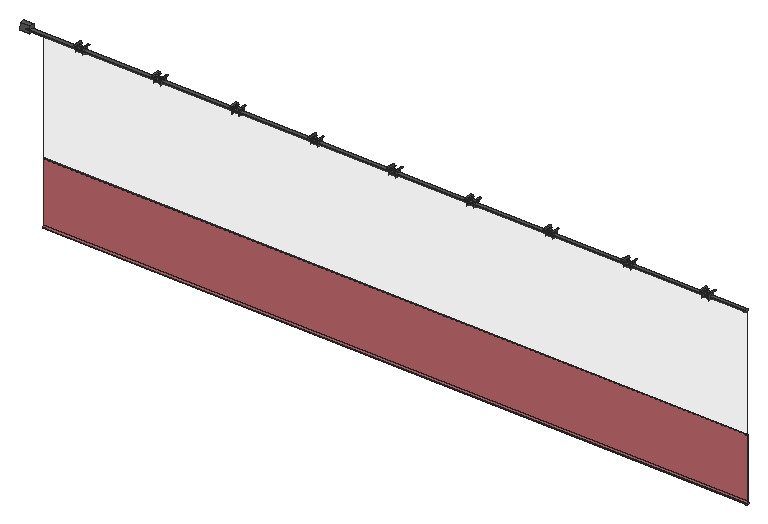
Revit family "Gymnasium-Eqpt_Divider-Curtain_IPIbybison_TopRoller", category Specialty Equipment, Revit 2018
Family settings
  Round Connector Dimension = Use Diameter
  Part Type = Normal
  OmniClass Number = 23.40.50.34.17
  OmniClass Title = Gymnasium Dividers
  Always vertical = Yes
  Cut with Voids When Loaded = No
  Shared = No
  Room Calculation Point = No
Parameters (values of type "as Specified")
  solidvinylheight [instance] = if(Show not in use, 2' 0", Solid Vinyl Height)  # 8' - 0"
  meshvis [instance] = not(Show not in use)  # yes
  clampcount [instance] = if(Number of Clamps < 2, 2, Number of Clamps)  # 9
  Warranty Duration (Years) = 0
  Unit Weight [instance] = 0
  Unit Length [instance] = 90' - 0"
  URL = "https://ipibybison.com/"
  Specification = ""
  SpecWizard = ""
  Solid Vinyl Height [instance] = 8' - 0"
  Show not in use [instance] = no
  Sales Information = "https://ipibybison.com/ArchitectsPage.php"
  Revision = "R1_2018-06"
  Product Properties = ""
  Product Data = "http://www.arcat.com/arcatcos/cos49/arc49571.html"
  Panel Material [instance] = Vinyl - Solid - IPI by Bison - Red
  Opening Height [instance] = 23' - 0"
  Number of Clamps [instance] = (Unit Length - (Clamp Inset from Edge * 2)) / Clamp Spacing + 1  # 9
  Motor RPM [instance] = 0
  Motor HP [instance] = 0
  Model = "IP870"
  Mesh Material [instance] = Vinyl - Mesh - IPI by Bison - Gray
  Maximum Size = "36' Height x 100' Length"
  Manufacturer Website = "https://ipibybison.com/"
  Manufacturer Phone - Toll Free = "800-637-7968"
  Manufacturer Phone = ""
  Manufacturer Fax = "800-638-0698"
  Manufacturer Address = "603 L St  Lincoln, NE 68508"
  Manufacturer = "IPI by Bison"
  Maintenance Schedule (Months) = 0
  Keynote = "11 66 53"
  Installation-Fabrication = ""
  Installation Phase = ""
  Height of Bottom of Curtain [instance] = if(Show not in use, Curtain Height - 2' 0", 0' 0")  # 0' - 0"
  Green Building-LEED = ""
  Frame Finish [instance] = Finish - IPI by Bison - Black
  Flange Width [instance] = 0' - 7"
  Expected Lifespan (Years) = 0
  Electrical_Voltage [instance] = 0 V
  Electrical_VA [instance] = 0 VA
  Electrical_Phase [instance] = 1
  Electrical_Number of Poles [instance] = 1
  Electrical_Amperage [instance] = 0 A
  Drawn By = "Sumex Design, Inc. / Robert S. Weygant, CSI, CDT, SCIP"
  Description = "IPI by Bison Motorized Top Roller Divider Curtain - IP870 as Specified"
  Curtain Height [instance] = Opening Height - 0' 2" - 0' 6 1/4"  # 22' - 3 3/4"
  Copyright = "©Arcat Inc."
  Construction Details = ""
  Clamp Spacing [instance] = 10' - 0"
  Clamp Inset from Edge [instance] = 5' - 0"
  Available Options = "as Specified"
Reference planes (in)
  plane 1 "Center (Front/Back)": y = 0
  plane 2: z = 0
  plane 3 "Center (Left/Right)": x = 0
  plane 4: z = 269.75
  plane 5: x = -540
  plane 6: x = 540
  plane 7: x = -564
  plane 8: x = -480
  plane 9: x = 480
  plane 10: z = 98
  plane 11: z = 2
  plane 12: z = 2
Forms (in)
  Extrusion 1, solid, material "Finish - IPI by Bison - Black" <- "Frame Finish"
    sketch origin (0, 0, 0) x (0, 1, 0) y (0, 0, 1)
      loop
        circle (0, 269.75) r 2
    from -564 to 540
  Extrusion 2, solid, material "Vinyl - Mesh - IPI by Bison - Gray" <- "Mesh Material", visible <- "meshvis"
    sketch origin (0, 0, 0) x (0, 1, 0) y (0, 0, 1)
      loop
        line (2, 270.75) -> (2, 98) -> (2.25, 98) -> (2.25, 270.75) -> (2, 270.75)
    from -540 to 540
  Extrusion 3, solid, material "Vinyl - Solid - IPI by Bison - Red" <- "Panel Material"
    sketch origin (0, 0, 0) x (0, 1, 0) y (0, 0, 1)
      loop
        line (2, 98) -> (2, 7.12846) -> (1.25, 2.875)
        arc (1.25, 2.875) -> (2.125, 2) -> (3, 2.875) r 0.875
        line (3, 2.875) -> (2.25, 7.12846) -> (2.25, 98) -> (2, 98)
    from -540 to 540
  Extrusion 4, solid, material "Finish - IPI by Bison - Black" <- "Frame Finish"
    sketch origin (0, 0, 0) x (1, 0, 0) y (0, 0, 1)
      loop
        line (-557, 276) -> (-571, 276) -> (-571, 266) -> (-557, 266) -> (-557, 276)
    from -3.90461 to 3.54338
Dimensions and locks (in)
  locked: level to plane 4 at 6.25
  equal spacing: plane 6, plane 3 "Center (Left/Right)", plane 5
  "Unit Length": plane 6 to plane 5
  locked: plane 5 to plane 7 at 24
  "Clamp Inset from Edge": plane 8 to plane 5
  "Clamp Inset from Edge": plane 9 to plane 6
  equal spacing: group 1, group 3, group 4, group 5, group 6, group 7, group 8, group 9, group 2  (x3)
  locked: plane 11 to level at 2
  "Height of Bottom of Curtain": plane 12 to plane 11
  "solidvinylheight": plane 10 to plane 12
  plane 1 "Center (Front/Back)" to Extrusion 2 sketch curve to Extrusion 2 sketch curve = 0' - 2" locked, 0' - 0 1/4" locked
  plane 1 "Center (Front/Back)" to Extrusion 3 sketch curve to Extrusion 3 sketch curve = 0' - 2" locked, 0' - 0 1/4" locked
  locked: Extrusion 3 sketch curve to plane 12 at 0.875
  Extrusion 3 sketch curve to Extrusion 3 sketch curve to plane 12 = 0' - 0" locked, 0' - 5.12846" locked
  "Opening Height": level to level
  locked: Extrusion 2 sketch curve to plane 4 at 1
  Extrusion 4 sketch curve to plane 4 to Extrusion 4 sketch curve = 0' - 6 1/4" locked, 0' - 3 3/4" locked
  Extrusion 4 sketch curve to plane 7 to Extrusion 4 sketch curve = 0' - 7" locked, 0' - 7" locked
  aligned and locked: level to plane 2
  aligned and locked: Extrusion 1 to plane 7
  aligned and locked: plane 6 to Extrusion 1
  aligned and locked: plane 8 to nested 1
  aligned and locked: plane 9 to nested 2
  aligned and locked: Extrusion 2 sketch curve to plane 10
  aligned and locked: Extrusion 2 to plane 6
  aligned and locked: Extrusion 2 to plane 5
  aligned and locked: Extrusion 3 to plane 6
  aligned and locked: Extrusion 3 to plane 5
Automatic sketch dimensions
  Extrusion 1 sketch curve to plane 1 "Center (Front/Back)" = 0' - 0"
  Extrusion 1 sketch curve to plane 4 = 0' - 0"
  Extrusion 3 sketch curve to plane 10 = 0' - 0"
  Extrusion 3 sketch curve to Extrusion 3 sketch curve = 0' - 0 1/8"
  plane 12 to Extrusion 3 sketch curve = 0' - 0 7/8"
  Extrusion 3 sketch curve to Extrusion 3 sketch curve = 0' - 0 7/8"
  radius of Extrusion 1 sketch curve = 0' - 2"
Nested families (in)
  nested 1: "RollTopClamp" at (-480, 0, 276), Flange Width <- "Flange Width", finish <- "Frame Finish", type "RollTopClamp"
    with finish Finish - IPI by Bison - Black, Flange Width 0' - 7"
  nested 2: "RollTopClamp" at (480, 0, 276), Flange Width <- "Flange Width", finish <- "Frame Finish", type "RollTopClamp"
    with finish Finish - IPI by Bison - Black, Flange Width 0' - 7"
  nested 3: "RollTopClamp" at (-360, 0, 276), Flange Width <- "Flange Width", finish <- "Frame Finish", type "RollTopClamp"
    with finish Finish - IPI by Bison - Black, Flange Width 0' - 7"
  nested 4: "RollTopClamp" at (-240, 0, 276), Flange Width <- "Flange Width", finish <- "Frame Finish", type "RollTopClamp"
    with finish Finish - IPI by Bison - Black, Flange Width 0' - 7"
  nested 5: "RollTopClamp" at (-120, 0, 276), Flange Width <- "Flange Width", finish <- "Frame Finish", type "RollTopClamp"
    with finish Finish - IPI by Bison - Black, Flange Width 0' - 7"
  nested 6: "RollTopClamp" at (0, 0, 276), Flange Width <- "Flange Width", finish <- "Frame Finish", type "RollTopClamp"
    with finish Finish - IPI by Bison - Black, Flange Width 0' - 7"
  nested 7: "RollTopClamp" at (120, 0, 276), Flange Width <- "Flange Width", finish <- "Frame Finish", type "RollTopClamp"
    with finish Finish - IPI by Bison - Black, Flange Width 0' - 7"
  nested 8: "RollTopClamp" at (240, 0, 276), Flange Width <- "Flange Width", finish <- "Frame Finish", type "RollTopClamp"
    with finish Finish - IPI by Bison - Black, Flange Width 0' - 7"
  nested 9: "RollTopClamp" at (360, 0, 276), Flange Width <- "Flange Width", finish <- "Frame Finish", type "RollTopClamp"
    with finish Finish - IPI by Bison - Black, Flange Width 0' - 7"
Connectors (in)
  electrical at (-564, 3.90461, 271), driven by "Electrical_Number of Poles", driven by "Electrical_Voltage", driven by "Electrical_VA"
    settings: on Extrusion 4, index 1, voltage 0 V, apparent load 0 VA, apparent load phase1 0 VA, apparent load phase2 0 VA, apparent load phase3 0 VA, power factor 1, load classification "Motor", number of poles 1, system type 31, power factor state 1, is connector primary yes, connector utility no, sub classification motor no, connector description ""
Definition of nested family "RollTopClamp"
  Parameters (values of type "RollTopClamp")
    finish [instance] = none
    Flange Width [instance] = 0' - 7.17426"
    Default Elevation = 4' - 0"
  Reference planes (in)
    plane 1 "Center (Front/Back)": y = 0
    plane 2: z = 0
    plane 3 "Center (Left/Right)": x = 0
    plane 4: x = -5.5
    plane 5: x = 5.5
    plane 6: y = -3.67426
    plane 7: y = 3.5
    plane 8: y = 6
    plane 9: y = -6.17426
    plane 10: z = -6.25
  Forms (in)
    Extrusion 1, solid, material <- "finish"
      sketch origin (-5.5, -180, 6.19499) x (0, 0, 1) y (0, -1, 0)
        loop
          line (-8.16699, -184.07887) -> (-8.16699, -175.8127) -> (-16.33095, -175.8127) -> (-16.33095, -180.52449)
          arc (-16.33095, -180.52449) -> (-16.02139, -181.27184) -> (-15.27404, -181.5814) r 1.05691
          line (-15.27404, -181.5814) -> (-14.77557, -181.5814) -> (-14.77557, -178.07238)
          arc (-14.77557, -178.07238) -> (-14.45161, -177.29028) -> (-13.6695, -176.96632) r 1.10607
          line (-13.6695, -176.96632) -> (-12.2595, -176.96632)
          arc (-12.2595, -176.96632) -> (-10.49173, -177.69855) -> (-9.7595, -179.46632) r 2.5
          line (-9.7595, -179.46632) -> (-9.7595, -184.07887) -> (-8.16699, -184.07887)
      from 0 to 0.25
    Extrusion 2, solid, material <- "finish"
      sketch origin (0, 0, 0) x (0, 1, 0) y (0, 0, 1)
        loop
          circle (0.97956, -9.02431) r 0.80193
        loop
          circle (-1.06799, -9.02431) r 0.80193
        loop
          circle (3.27115, -4.90423) r 1.07
      from -5.25 to 5.25
    Extrusion 3, solid, material <- "finish"
      sketch origin (5.5, -180, 6.19499) x (0, 0, 1) y (0, -1, 0)
        loop
          line (-8.16699, -184.07887) -> (-8.16699, -175.8127) -> (-16.33095, -175.8127) -> (-16.33095, -180.52449)
          arc (-16.33095, -180.52449) -> (-16.02139, -181.27184) -> (-15.27404, -181.5814) r 1.05691
          line (-15.27404, -181.5814) -> (-14.77557, -181.5814) -> (-14.77557, -178.07238)
          arc (-14.77557, -178.07238) -> (-14.45161, -177.29028) -> (-13.6695, -176.96632) r 1.10607
          line (-13.6695, -176.96632) -> (-12.2595, -176.96632)
          arc (-12.2595, -176.96632) -> (-10.49173, -177.69855) -> (-9.7595, -179.46632) r 2.5
          line (-9.7595, -179.46632) -> (-9.7595, -184.07887) -> (-8.16699, -184.07887)
      from 0 to -0.25
    Extrusion 4, solid, material <- "finish"
      sketch origin (0, 0, 0) x (1, 0, 0) y (0, 0, 1)
        loop
          line (-5.3125, 0.5) -> (-7.5, 0.5) -> (-7.5, -0.1875) -> (-5.6875, -0.1875) -> (-5.6875, -2) -> (-3.5, -2) -> (-3.5, -1.8125) -> (-5.3125, -1.8125) -> (-5.3125, 0.5)
        loop
          line (5.3125, 0.5) -> (5.3125, -1.8125) -> (3.5, -1.8125) -> (3.5, -2) -> (5.6875, -2) -> (5.6875, -0.1875) -> (7.5, -0.1875) -> (7.5, 0.5) -> (5.3125, 0.5)
      from -6 to 6.17426
    Extrusion 5, solid, material <- "finish"
      sketch origin (-5.5, -180, 7.31999) x (0, 0, 1) y (0, -1, 0)
        loop
          circle (-13.20446, -176.38148) r 1
      from 0.55619 to 1.8825
  Dimensions and locks (in)
    plane 5 to plane 3 "Center (Left/Right)" to plane 4 = 0' - 5 1/2", 0' - 5 1/2"
    "Flange Width": plane 6 to plane 7
    locked: plane 7 to plane 8 at 2.5
    locked: plane 9 to plane 6 at 2.5
    level to plane 10 = 0' - 6 1/4"
    aligned and locked: plane 2 to level
    aligned and locked: Extrusion 4 to plane 8
    aligned and locked: Extrusion 4 to plane 9
  Automatic sketch dimensions
    plane 1 "Center (Front/Back)" to Extrusion 2 sketch curve = 0' - 1.06799"
    Extrusion 2 sketch curve to plane 1 "Center (Front/Back)" = 0' - 0.97956"
    plane 7 to Extrusion 2 sketch curve = 0' - 0.22885"
    Extrusion 2 sketch curve to level = 0' - 9.02431"
    Extrusion 2 sketch curve to Extrusion 2 sketch curve = 0' - 0"
    Extrusion 2 sketch curve to Extrusion 2 sketch curve = 0' - 4.12008"
    level to Extrusion 4 sketch curve = 0' - 0 1/2"  (x2)
    Extrusion 4 sketch curve to plane 4 = 0' - 2"
    Extrusion 4 sketch curve to plane 4 = 0' - 0 3/16"
    plane 4 to Extrusion 4 sketch curve = 0' - 0 3/16"
    Extrusion 4 sketch curve to Extrusion 4 sketch curve = 0' - 1 13/16"  (x2)
    Extrusion 4 sketch curve to plane 5 = 0' - 2"
    Extrusion 4 sketch curve to plane 5 = 0' - 0 3/16"
    plane 5 to Extrusion 4 sketch curve = 0' - 0 3/16"
    Extrusion 4 sketch curve to level = 0' - 0 3/16"  (x2)
    Extrusion 4 sketch curve to Extrusion 4 sketch curve = 0' - 1 5/8"  (x2)
    Extrusion 4 sketch curve to Extrusion 4 sketch curve = 0' - 0 3/16"  (x2)
    Extrusion 5 sketch curve to plane 6 = 0' - 0.05573"
    Extrusion 5 sketch curve to level = 0' - 5.88446"
    plane 6 to Extrusion 3 sketch curve = 0' - 0.51304"
    Extrusion 3 sketch curve to plane 10 = 0' - 3.88595"
    Extrusion 3 sketch curve to plane 1 "Center (Front/Back)" = 0' - 0.52449"
    Extrusion 3 sketch curve to Extrusion 3 sketch curve = 0' - 1.05691"
    Extrusion 3 sketch curve to Extrusion 3 sketch curve = 0' - 0.49847"
    Extrusion 3 sketch curve to Extrusion 3 sketch curve = 0' - 1.10607"
    plane 10 to Extrusion 3 sketch curve = 0' - 0.1855"
    Extrusion 3 sketch curve to plane 7 = 0' - 0.57887"
    plane 10 to Extrusion 3 sketch curve = 0' - 2.6855"
    Extrusion 3 sketch curve to level = 0' - 1.972"
    plane 1 "Center (Front/Back)" to Extrusion 3 sketch curve = 0' - 0.53368"
    plane 6 to Extrusion 1 sketch curve = 0' - 0.51304"
    Extrusion 1 sketch curve to plane 10 = 0' - 3.88595"
    Extrusion 1 sketch curve to plane 1 "Center (Front/Back)" = 0' - 0.52449"
    Extrusion 1 sketch curve to Extrusion 1 sketch curve = 0' - 1.05691"
    Extrusion 1 sketch curve to Extrusion 1 sketch curve = 0' - 0.49847"
    Extrusion 1 sketch curve to Extrusion 1 sketch curve = 0' - 1.10607"
    plane 10 to Extrusion 1 sketch curve = 0' - 0.1855"
    Extrusion 1 sketch curve to plane 7 = 0' - 0.57887"
    plane 10 to Extrusion 1 sketch curve = 0' - 2.6855"
    Extrusion 1 sketch curve to level = 0' - 1.972"
    plane 1 "Center (Front/Back)" to Extrusion 1 sketch curve = 0' - 0.53368"
    radius of Extrusion 2 sketch curve = 0' - 0.80193"  (x2)
    radius of Extrusion 2 sketch curve = 0' - 1.07"
    radius of Extrusion 5 sketch curve = 0' - 1"
